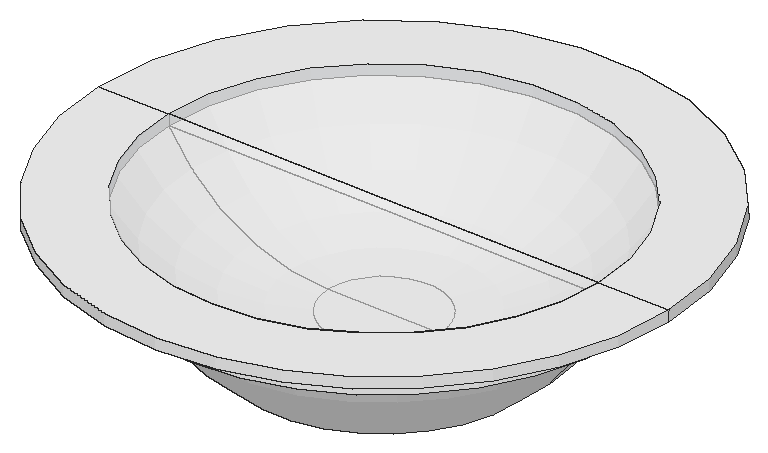
Revit family "0030341 Sylvania Lighting Fixture START Downlight 150 IP44 1-10V 1175Lm 840", category Lighting Fixtures, host Face, Revit 2016
Family settings
  Host = Face
  Part Type = Normal
  Round Connector Dimension = Use Diameter
  OmniClass Number = 23.80.70.00
  OmniClass Title = Lighting
  Cut with Voids When Loaded = No
  Light Source = Yes
  Shared = No
  Room Calculation Point = No
Parameters (values of type "0030341 ST DOWNLIGHT 150 IP44 1-10V 1175LM 840")
  Weight = "5.748 kg"
  Wattage Comments = ""
  Wattage = 12 W
  WarrantyStartDate [instance] = "n/a"
  WarrantyGuarantorParts = "n/a"
  WarrantyDurationUnit = "n/a"
  WarrantyDurationParts = "n/a"
  WarrantyDescription = "n/a"
  built-in parameter 1150110 = 1 (stored number, unit not read)
  Voltage = 230 V
  URL = "http://www.sylvania-lighting.com"
  TypeName = "START Downlight 150 IP44 1-10V 1175Lm 840"
  Type Image = <None>
  Type Comments = "n/a"
  built-in parameter 1114217 = 1 (stored number, unit not read)
  Tilt Angle = -90.00°
  built-in parameter 1150109 = 1 (stored number, unit not read)
  built-in parameter 1150134 = 12
  built-in parameter 1150113 = 1 (stored number, unit not read)
  SerialNumber [instance] = "n/a"
  S_SYL = yes
  RadiusTop_SYL = if(S_SYL, 80 mm, if(M_SYL, 100 mm, if(L_SYL, 120 mm, 120 mm)))  # 80 mm
  Photometric Web File = "0030341.ies"
  Material_3_FEILO = Top-Sylvania-STARTDownlight
  PowerFactor = 0.9
  PowerConsumption = "12 W"
  NominalLength = 165 mm
  NominalHeight = 45 mm
  NominalDepth = 165 mm
  Name = "START Downlight 150 IP44 1-10V 1175Lm 840"
  ModelReference = Name  # "START Downlight 150 IP44 1-10V 1175Lm 840"
  ModelNumber = "0030341"
  Model = Name  # "START Downlight 150 IP44 1-10V 1175Lm 840"
  Material = "aluminium housing, polycarbonate diffuser"
  ManufacturerName = "Feilo Sylvania"
  Manufacturer = "Feilo Sylvania"
  M_SYL = no
  LuminousEfficacy = "97.13 lm/W"
  built-in parameter 1150105 = 618.03 (stored number, unit not read)
  Lumens = 1165.57 lm
  LuminaireType = ""
  built-in parameter 1150115 = 1 (stored number, unit not read)
  LightOutputRatio = "100"
  built-in parameter 1150137 = (empty or 0)
  built-in parameter 1150139 = (empty or 0)
  LampsType = Lamp  # "LED"
  LampNominalLuminous = "1165 lm"
  LampMacAdamStep = "5"
  LampColourTemperature = "4000 K"
  LampColourRenderingIndex = "80"
  built-in parameter 1150112 = 1 (stored number, unit not read)
  built-in parameter 1150114 = 1 (stored number, unit not read)
  Lamp = "LED"
  L_SYL = no
  Keynote = "16500"
  InstallationDate [instance] = "n/a"
  InputVoltage = "220-240V~"
  InputNominalFrequency = "50/60 Hz"
  built-in parameter 1150132 = (empty or 0)
  built-in parameter 1150102 = (empty or 0)
  built-in parameter 1150107 = 4000 (stored number, unit not read)
  built-in parameter 1150138 = (empty or 0)
  IngressProtection = "IP20/44"
  ImpactProtectionIndex = "IK07"
  built-in parameter 1150106 = 6.1803 (stored number, unit not read)
  IfcExportType = "IfcLightFixtureType"
  IfcExportAs = "IfcLightFixtureType"
  Height_SYL = if(S_SYL, 41 mm, if(M_SYL, 47 mm, if(L_SYL, 56 mm, 62 mm)))  # 41 mm
  ExpectedLife = 50000
  Emit from Circle Diameter = Diameter_SYL - 40 mm  # 124 mm
  Emit Shape Visible in Rendering = no
  ElectricShockClassification = "Class II"
  built-in parameter 1150104 = 9.0238 (stored number, unit not read)
  DurationUnit = "hours"
  DocumentationLiterature = "http://www.sylvania-lighting.com/product/en-int/products/0030341"
  DimmingControlOptions = "Dimmable"
  Material_2_FEILO = Diffuser-Sylvania-STARTDownlight
  Dimming Lamp Color Temperature Shift = <None>
  Diameter_SYL = if(S_SYL, 164 mm, if(M_SYL, 193 mm, if(L_SYL, 220 mm, 240 mm)))  # 164 mm
  DiameterTop_SYL = if(S_SYL, 77 mm, if(M_SYL, 81 mm, if(L_SYL, 104 mm, 105 mm)))  # 77 mm
  DiameterRecess_SYL = if(S_SYL, 141 mm, if(M_SYL, 169 mm, if(L_SYL, 198 mm, 216 mm)))  # 141 mm
  Description = ""
  Default Elevation = 1219.2 mm
  CreatedOn = "8/1/2018"
  CreatedBy = "@sylvania-lighting.com"
  Cost = 0
  Color Filter = 16777215
  built-in parameter 1114216 [instance] = (empty or 0)
  ClassificationValue = "EF_70_80"
  ClassificationName = "Uniclass2015"
  Material_1_FEILO = Trim-Sylvania-STARTDownlight-White
  BarCode [instance] = "n/a"
  built-in parameter 1114218 = 1 (stored number, unit not read)
  built-in parameter 1150133 = 10 (stored number, unit not read)
  AssetType = "Fixed"
  AssetIdentifier [instance] = "n/a"
  Assembly Code = "D5020200"
  Apparent Load = 12 VA
  Material_4_FEILO = LED-Sylvania-STARTDownlight
Reference planes
  plane 1 "Center (Front/Back)": y = 0
  plane 2: z = 0
  plane 3 "Center (Left/Right)": x = 0
  plane 4: x = 82
  plane 5: x = -82
  plane 6: z = 3
  plane 7: z = -8
  plane 8: z = -36
  plane 9: z = -38
  plane 10: x = -70.5
  plane 11: x = 70.5
  plane 12: x = -38.5
  plane 13: x = 38.5
  plane 14: x = -62
  plane 15: x = 62
  plane 16: z = -85
  plane 17: x = -62
  plane 18: z = 2
  plane 19: z = -26
  plane 20: x = -16
Forms (mm)
  Revolve 1, solid
    sketch origin (0, 0, 0) x (1, 0, 0) y (0, 0, 1)
      loop
        line (-82, 3) -> (-82, 0) -> (-70.5, 0) -> (-70.5, -8) -> (-62, -8)
        arc (-62, -8) -> (-51.871, -23.36) -> (-38.5, -36) r 80
        line (-38.5, -36) -> (0, -36) -> (0, -26) -> (-16, -26)
        arc (-16, -26) -> (-42.42, -19.05) -> (-62, 0) r 53.692
        line (-62, 0) -> (-62, 3) -> (-82, 3)
      axis (0, 3) -> (0, -36)
    angle from 360 to 0
  Revolve 2, void
    sketch origin (0, 0, 0) x (1, 0, 0) y (0, 0, 1)
      loop
        line (0, 0) -> (-70.5, 0) -> (-70.5, -85) -> (0, -85) -> (0, 0)
      axis (0, 0) -> (0, -85)
    angle from 360 to 0
  Revolve 3, solid, material "Diffuser-Sylvania-STARTDownlight" <- "Material_2_FEILO"
    sketch origin (0, 0, 0) x (1, 0, 0) y (0, 0, 1)
      loop
        line (-62, 3) -> (-62, 0) -> (0, 0) -> (0, 3) -> (-62, 3)
      axis (0, 3) -> (0, 0)
    angle from 360 to 0
Dimensions and locks
  equal spacing: plane 4, plane 3 "Center (Left/Right)", plane 5
  "Diameter_SYL": plane 4 to plane 5
  equal spacing: plane 11, plane 3 "Center (Left/Right)", plane 10
  equal spacing: plane 13, plane 3 "Center (Left/Right)", plane 12
  "DiameterTop_SYL": plane 13 to plane 12
  equal spacing: plane 15, plane 3 "Center (Left/Right)", plane 14
  locked: plane 6 to plane 2 at 3
  "Height_SYL": plane 6 to plane 9
  locked: plane 8 to plane 9 at 2
  locked: plane 2 to plane 7 at 8
  locked: plane 2 to plane 16 at 85
  locked: plane 17 to plane 5 at 20
  locked: plane 6 to plane 18 at 1
  "DiameterRecess_SYL": plane 11 to plane 10
  locked: plane 19 to plane 8 at 10
  locked: plane 3 "Center (Left/Right)" to plane 20 at 16
  locked: plane 14 to plane 5 at 20
  "RadiusTop_SYL": radius of Revolve 1 sketch curve
  aligned and locked: plane 2 to host face
  aligned and locked: level to host face
  aligned and locked: Revolve 1 sketch curve to plane 5
  aligned and locked: Revolve 1 sketch curve to level
  aligned and locked: plane 7 to Revolve 1 sketch curve
  aligned and locked: Revolve 1 sketch curve to plane 10
  aligned and locked: plane 14 to Revolve 1 sketch curve
  aligned and locked: plane 3 "Center (Left/Right)" to Revolve 1 sketch curve
  aligned and locked: Revolve 1 sketch curve to plane 8
  aligned and locked: Revolve 1 sketch curve to plane 3 "Center (Left/Right)"
  aligned and locked: Revolve 2 sketch curve to plane 3 "Center (Left/Right)"
  aligned and locked: plane 3 "Center (Left/Right)" to Revolve 2 sketch curve
  aligned and locked: Revolve 2 sketch curve to plane 10
  aligned and locked: plane 16 to Revolve 2 sketch curve
  aligned and locked: Revolve 1 sketch curve to plane 6
  aligned and locked: plane 19 to Revolve 1 sketch curve
  aligned and locked: plane 20 to Revolve 1 sketch curve
  aligned and locked: Revolve 1 sketch curve to Revolve 1 sketch curve
  aligned and locked: plane 17 to Revolve 1 sketch curve
  aligned and locked: plane 2 to Revolve 1 sketch curve
  aligned and locked: Revolve 3 sketch curve to plane 3 "Center (Left/Right)"  (x2)
  aligned and locked: plane 3 "Center (Left/Right)" to imposter light
  aligned and locked: imposter light to plane 18
  aligned and locked: imposter light to plane 1 "Center (Front/Back)"
  aligned and locked: plane 14 to Revolve 3 sketch curve
Automatic sketch dimensions
  host sketch curve to host sketch curve = 2438.4 mm  (x2)
  plane 16 to Revolve 2 sketch curve = 524.6 mm
  Revolve 2 sketch curve to plane 6 = 2606.058 mm
  Revolve 1 sketch curve to plane 12 = 0 mm
  plane 16 to Revolve 1 sketch curve = 524.6 mm
  Revolve 1 sketch curve to Revolve 1 sketch curve = 2581.366 mm
  Revolve 2 sketch curve to level = 0 mm
  Revolve 3 sketch curve to plane 6 = 0 mm
  Revolve 3 sketch curve to level = 0 mm
  plane 16 to Revolve 3 sketch curve = 524.6 mm
  Revolve 3 sketch curve to Revolve 3 sketch curve = 2606.058 mm
Connectors
  electrical at (0, 0, 0), driven by "Apparent Load", driven by "PowerFactor", driven by "Voltage"
    settings: index 1, voltage 230 V, apparent load 12 VA, apparent load phase1 0 VA, apparent load phase2 0 VA, apparent load phase3 0 VA, power factor 0.9, load classification "Lighting", number of poles 1, system type 30, power factor state 1, is connector primary yes, connector utility no, sub classification motor no, connector description ""
